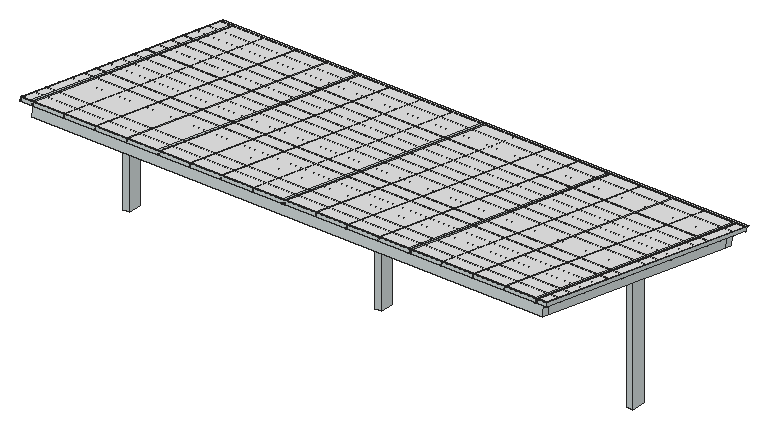
Revit family "Structures Unlimited Double Wing Single Slope Canopy", category Generic Models, Revit 2018
Family settings
  Can host rebar = No
  Round Connector Dimension = Use Diameter
  Part Type = Normal
  Work Plane-Based = No
  Always vertical = Yes
  Cut with Voids When Loaded = No
  Shared = Yes
  Room Calculation Point = No
Parameters (values of type "KCRF Aluminum #79")
  Real Out To Out Of Box Beams Length [instance] = if(Out To Out Of Box Beams Length < 10' 0", 10' 0", if(Out To Out Of Box Beams Length > 200' 0", 200' 0", Out To Out Of Box Beams Length))  # 32' - 5"
  Out To Out Of Box Beams Span [instance] = 15' - 0"
  Vertical PD [instance] = (Real Out To Out Of Box Beams Span + 0' 10") / cos(Real Roof Pitch)  # 16' - 0.61951"
  URL = "https://www.structuresunlimitedinc.com/sui-3d-details/#"
  Roof Pitch [instance] = 9.46°
  Real Out To Out Of Box Beams Span [instance] = if(Out To Out Of Box Beams Span < 10' 0", 10' 0", if(Out To Out Of Box Beams Span > 22' 0", 22' 0", Out To Out Of Box Beams Span))  # 15' - 0"
  Real Roof Pitch [instance] = if(Roof Pitch < 9.46°, 9.46°, if(Roof Pitch > 45.00°, 45.00°, Roof Pitch))  # 9.46°
  Real Column Height [instance] = if(Column Height < 2' 0", 2' 0", if(Column Height > 12' 0", 12' 0", Column Height))  # 8' - 0"
  Panel Offset [instance] = 0' 5" / cos(Real Roof Pitch)  # 0' - 5.06893"
  Outside Of Column [instance] = Beam Height / 2  # 0' - 5"
  Outer Girder Length [instance] = Center To Center Of Beams + Beam Width  # 32' - 5"
  Out To Out Of Box Beams Length [instance] = 32' - 5"
  Number Of Intmdt Rafters [instance] = if(Column Spacing = Bay Spacing, Number Of Columns, Number Of Columns * 2 - 1)  # 5
  Number Of Horizontal Grids [instance] = Bay Spacing / 2' 0"  # 4
  Number Of Columns [instance] = if((Center To Center Of Beams / Real Nominal Column Spacing) > 1, roundup(Center To Center Of Beams / Real Nominal Column Spacing) + 1, 2)  # 3
  Number Of Bays [instance] = Number Of Intmdt Rafters - 1  # 4
  Real Nominal Column Spacing [instance] = if(Nominal Column Spacing < 5' 0", 5' 0", if(Nominal Column Spacing > 20' 0", 20' 0", Nominal Column Spacing))  # 16' - 0"
  Nominal Column Spacing [instance] = 16' - 0"
  Model = "Double Wing Single Slope Canopy"
  Manufacturer = "Structures Unlimited, Inc."
  KCRF = KCRF Aluminum #79
  Horizontal PD [instance] = Center To Center Of Beams + Beam Width + 1' 0"  # 33' - 5"
  Horizontal Grid Spacing [instance] = Bay Spacing / Number Of Horizontal Grids  # 2' - 0"
  Half Beam Width [instance] = Beam Width / 2  # 0' - 2 1/2"
  Even Number Of Horizontal Grids Real [instance] = if(Even Number Of Bays, Even Number Of Bays, Even Number Of Horizontal Grids)  # yes
  Even Number Of Horizontal Grids [instance] = roundup(Number Of Horizontal Grids / 2) = rounddown(Number Of Horizontal Grids / 2)  # yes
  Even Number Of Bays [instance] = roundup(Number Of Bays / 2) = rounddown(Number Of Bays / 2)  # yes
  Column Spacing [instance] = Center To Center Of Beams / (Number Of Columns - 1)  # 16' - 0"
  Center To Center Of Beams [instance] = Real Out To Out Of Box Beams Length - Beam Width  # 32' - 0"
  Column Height [instance] = 8' - 0"
  Center Of Canopy [instance] = Center To Center Of Beams / 2  # 16' - 0"
  Center Girder Offset [instance] = (Beam Height / 2) * tan(Real Roof Pitch)  # 0' - 0.83313"
  Center Girder Length [instance] = Center To Center Of Beams - Beam Width  # 31' - 7"
  Beam Width [instance] = 0' - 5"  # constant formula
  Beam Height [instance] = 0' - 10"  # constant formula
  Bay Spacing [instance] = if(Column Spacing > 10' 0", Column Spacing * 0.5, Column Spacing)  # 8' - 0"
Reference planes (in)
  plane 1 "Center (Front/Back)": y = 0
  plane 2: z = 0
  plane 3 "Center (Left/Right)": x = 0
  plane 4: z = 0
  plane 5: z = 96
  plane 6: x = 192
  plane 7: y = -90
  plane 8 "Front Roof Plane": through (0, 515.17994, 136.8903) normal (0, 0.1644, 0.9864)
  plane 9: y = 90
Lines and regions (in)
  reference lines
    curve 1: line (0, 0, 96) -> (0, -182.48411, 126.40642)
    curve 2: line (0, -90, 110.99625) -> (0, -111.69539, -19.20863)
    curve 3: line (0, 0, 96) -> (0, 266.32816, 51.62307)
    curve 4: line (0, 90, 81.00375) -> (0, 66.49666, -60.05153)
    curve 5: line (0, 0, 96) -> (0, -20.70924, -28.28647)
    curve 6: line (0, 0.8218, 95.86307) -> (0, -19.88744, -28.42341)
    curve 7: line (0, 49.6285, -192.12646) -> (0, 113.72851, 192.56977)
Dimensions and locks (in)
  "Real Column Height": plane 5 to plane 4
  "Center Of Canopy": plane 3 "Center (Left/Right)" to plane 6
  equal spacing: plane 7, plane 1 "Center (Front/Back)", plane 9
  "Real Out To Out Of Box Beams Span": plane 7 to plane 9
  locked: plane 1 "Center (Front/Back)" to curve 1 at 0
  locked: curve 1 to plane 5
  locked: plane 7 to curve 2
  locked: plane 9 to curve 4
  "Center Girder Offset": curve 6 to curve 5
  "Half Beam Width": plane 3 "Center (Left/Right)" to nested 3
  "Panel Offset": curve 4 to curve 7
  "Real Roof Pitch": angle plane 2 to plane 8 "Front Roof Plane"
  "Real Roof Pitch": angle plane 5 to curve 1
  locked: curve 1 to curve 2 (angle 90.00°)
  "Real Roof Pitch": angle plane 5 to curve 3
  locked: curve 4 to curve 3 (angle 90.00°)
  locked: curve 5 to curve 1 (angle 90.00°)
  locked: curve 3 to curve 6 (angle 90.00°)
  "Real Roof Pitch": angle curve 7 to plane 9
  aligned and locked: plane 2 to level
  aligned and locked: nested 2 to curve 1
  aligned and locked: curve 1 to nested 1
  aligned and locked: nested 2 to curve 4
  aligned and locked: nested 1 to curve 2
  aligned and locked: nested 2 to plane 6
  aligned and locked: nested 1 to plane 6
  aligned and locked: nested 3 to curve 1
  aligned and locked: nested 3 to curve 6
  aligned and locked: nested 4 to plane 6
  aligned and locked: nested 4 to curve 1
  aligned and locked: curve 7 to nested 4
  aligned and locked: nested 5 to plane 3 "Center (Left/Right)"
  aligned and locked: plane 1 "Center (Front/Back)" to nested 5
  aligned and locked: plane 4 to nested 5
  aligned and locked: nested 6 to plane 3 "Center (Left/Right)"
  aligned and locked: plane 1 "Center (Front/Back)" to nested 6
  aligned and locked: plane 4 to nested 6
  aligned and locked: plane 4 to plane 2
Automatic sketch dimensions
  curve 7 to plane 9 = 3' - 4.3715"
Nested families (in)
  nested 1: "Double Wing Single Slope Canopy Girder" at (192, -89.17759, 100.72135) x (-1, 0, 0) z (0, 0.1644, 0.9864), Beam Width <- "Beam Width", Beam Height <- "Beam Height", CRF <- "KCRF", Girder Length <- "Outer Girder Length", type "Double Wing Single Slope Canopy Girder"
    with Girder Length 32' - 5", CRF KCRF Aluminum #79, Beam Width 0' - 5", Beam Height 0' - 10"
  nested 2: "Double Wing Single Slope Canopy Girder" at (192, 85.89041, 71.55064) x (-1, 0, 0) z (0, 0.1644, 0.9864), Beam Width <- "Beam Width", Beam Height <- "Beam Height", CRF <- "KCRF", Girder Length <- "Outer Girder Length", type "Double Wing Single Slope Canopy Girder"
    with Girder Length 32' - 5", CRF KCRF Aluminum #79, Beam Width 0' - 5", Beam Height 0' - 10"
  nested 3: "Double Wing Single Slope Canopy Girder" at (192, -0.8218, 85.99906) x (-1, 0, 0) z (0, 0.1644, 0.9864), Beam Width <- "Beam Width", Beam Height <- "Beam Height", CRF <- "KCRF", Girder Length <- "Center Girder Length", type "Double Wing Single Slope Canopy Girder"
    with Girder Length 31' - 7", CRF KCRF Aluminum #79, Beam Width 0' - 5", Beam Height 0' - 10"
  nested 4: "Double Wing Single Slope Canopy Panels" at (192, 95, 80.17062) x (-1, 0, 0) z (0, 0.1644, 0.9864), CRF <- "KCRF", Bay Spacing <- "Bay Spacing", Horizontal PD <- "Horizontal PD", Vertical PD <- "Vertical PD", Even Bays <- "Even Number Of Bays", Horizontal Grid Spacing <- "Horizontal Grid Spacing", Even Grids <- "Even Number Of Horizontal Grids Real", type "Double Wing Single Slope Canopy Panels"
    with Vertical PD 16' - 0.61951", Vertical Grid Spacing 1' - 0", Panel Skin Thickness 0' - 0.063", Panel Angle 90.00°, Overlap Width 0' - 1 3/4", Overlap Offset 0' - 0 7/8", IBeam Width 0' - 0 1/2", IBeam Thickness 0' - 2 5/8", Horizontal PD 33' - 5", Horizontal Grid Spacing 2' - 0", Half IBeam Width 0' - 0 1/4", Half Horizontal PD 16' - 8 1/2", Grid Offset 0' - 0", Even Grids yes, Even Bays yes, CRF KCRF Aluminum #79, Bay Spacing 8' - 0", Batten Width 0' - 2", Batten Thickness 0' - 0 1/8", Batten Offset 0' - 0"
  nested 5: "Double Wing Single Slope Canopy Columns" at (0, 0, 0) x (0, -1, 0) z (0, 0, 1), CRF <- "KCRF", Beam Height <- "Beam Height", Beam Width <- "Beam Width", CTR 2 CTR Of Beams <- "Center To Center Of Beams", Column Height <- "Real Column Height", Column Spacing <- "Column Spacing", Roof Pitch <- "Real Roof Pitch", Width Of Canopy <- "Real Out To Out Of Box Beams Span", type "Double Wing Single Slope Canopy Columns"
    with Width Of Canopy 15' - 0", Void Width 15' - 7", Void Offset 8' - 0", Roof Pitch 9.46°, Half Beam Width 0' - 2 1/2", Column Spacing 16' - 0", Column Height 8' - 0", CTR 2 CTR Of Beams 32' - 0", CRF KCRF Aluminum #79, Beam Width 0' - 5", Beam Height 0' - 10"
  nested 6: "Double Wing Single Slope Canopy Rafters" at (0, 0, 0) x (0, -1, 0) z (0, 0, 1), CRF <- "KCRF", Beam Height <- "Beam Height", Beam Width <- "Beam Width", CTR 2 CTR Of Beams <- "Center To Center Of Beams", Column Height <- "Real Column Height", Column Spacing <- "Bay Spacing", Roof Pitch <- "Real Roof Pitch", Width Of Canopy <- "Real Out To Out Of Box Beams Span", type "Double Wing Single Slope Canopy Rafters"
    with Width Of Canopy 15' - 0", Void Width 7' - 7", Void Offset 4' - 0", Roof Pitch 9.46°, Half Beam Width 0' - 2 1/2", Column Spacing 8' - 0", Column Height 8' - 0", CTR 2 CTR Of Beams 32' - 0", CRF KCRF Aluminum #79, Beam Width 0' - 5", Beam Height 0' - 10"
Definition of nested family "Double Wing Single Slope Canopy Girder"
  Parameters (values of type "Double Wing Single Slope Canopy Girder")
    Girder Length [instance] = 17' - 1"
    Default Elevation = 4' - 0"
    CRF [instance] = none
    Beam Width [instance] = 0' - 5"
    Beam Height [instance] = 0' - 10"
  Reference planes (in)
    plane 1 "Center (Front/Back)": y = 0
    plane 2: z = 0
    plane 3 "Center (Left/Right)": x = 0
    plane 4: x = -102.5
    plane 5: x = 102.5
    plane 6: y = -2.5
    plane 7: y = 2.5
    plane 8: z = 10
  Forms (in)
    Extrusion 1, solid, material <- "CRF"
      sketch origin (0, 0, 0) x (0, 1, 0) y (0, 0, 1)
        loop
          line (2.5, 10) -> (-2.5, 10) -> (-2.5, 0) -> (2.5, 0) -> (2.5, 10)
      from -102.5 to 102.5
  Dimensions and locks (in)
    equal spacing: plane 7, plane 1 "Center (Front/Back)", plane 6
    equal spacing: plane 4, plane 3 "Center (Left/Right)", plane 5
    "Beam Width": plane 7 to plane 6
    "Girder Length": plane 4 to plane 5
    "Beam Height": plane 8 to plane 2
    aligned and locked: level to plane 2
    aligned and locked: Extrusion 1 sketch curve to plane 8
    aligned and locked: plane 6 to Extrusion 1 sketch curve
    aligned and locked: Extrusion 1 sketch curve to plane 7
    aligned and locked: plane 2 to Extrusion 1 sketch curve
    aligned and locked: Extrusion 1 to plane 4
    aligned and locked: plane 5 to Extrusion 1
Definition of nested family "Double Wing Single Slope Canopy Panels"
  Parameters (values of type "Double Wing Single Slope Canopy Panels")
    Vertical PD [instance] = 14' - 7"
    Vertical Grid Spacing [instance] = 1' - 0"  # constant formula
    Panel Skin Thickness [instance] = 0' - 0.063"  # constant formula
    Panel Angle [instance] = 90.00°
    Overlap Width [instance] = 0' - 1 3/4"  # constant formula
    Overlap Offset [instance] = Overlap Width / 2  # 0' - 0 7/8"
    IBeam Width [instance] = 0' - 0 1/2"  # constant formula
    IBeam Thickness [instance] = 0' - 2 5/8"  # constant formula
    Horizontal PD [instance] = 16' - 8"
    Horizontal Grid Spacing [instance] = 2' - 0"
    Half IBeam Width [instance] = IBeam Width / 2  # 0' - 0 1/4"
    Half Horizontal PD [instance] = Horizontal PD / 2  # 8' - 4"
    Grid Offset [instance] = if(Even Grids, 0' 0", Horizontal Grid Spacing / 2)  # 1' - 0"
    Even Grids [instance] = no
    Even Bays [instance] = no
    Default Elevation = 4' - 0"
    CRF [instance] = none
    Bay Spacing [instance] = 8' - 0"
    Batten Width [instance] = 0' - 2"  # constant formula
    Batten Thickness [instance] = 0' - 0 1/8"  # constant formula
    Batten Offset [instance] = if(Even Bays, 0' 0", Bay Spacing / 2)  # 4' - 0"
  Reference planes (in)
    plane 1 "Center (Front/Back)": y = 0
    plane 2: z = 0
    plane 3 "Center (Left/Right)": x = 0
    plane 4 "Left Panel": x = -100
    plane 5 "Right Panel": x = 100
    plane 6: z = 0.063
    plane 7: z = 2.688
    plane 8: z = 2.751
    plane 9: y = -1.75
    plane 10 "Left Outside": x = -2000
    plane 11 "Right Outside": x = 2000
    plane 12: y = 0.25
    plane 13 "Max Top PD": y = 1080
    plane 14 "Max Left PD": x = -1976
    plane 15 "Max Right PD": x = 1976
    plane 16 "Top Outside": y = 1104
    plane 17: x = -36
    plane 18: x = -60
    plane 19: x = -84
    plane 20: x = -108
    plane 21: x = -132
    plane 22: x = -156
    plane 23: x = -180
    plane 24: x = -204
    plane 25: x = 12
    plane 26: x = 36
    plane 27: x = 60
    plane 28: x = 84
    plane 29: x = 108
    plane 30: x = 132
    plane 31: x = 156
    plane 32: x = 180
    plane 33: x = 204
    plane 34: x = -228
    plane 35: x = -252
    plane 36: x = 228
    plane 37: x = -276
    plane 38: x = -300
    plane 39: x = -324
    plane 40: x = -348
    plane 41: x = -372
    plane 42: x = -396
    plane 43: x = -420
    plane 44: x = 252
    plane 45: x = 276
    plane 46: x = 300
    plane 47: x = 324
    plane 48: x = 348
    plane 49: x = 372
    plane 50: x = 396
    plane 51: y = 12.25
    plane 52: y = 24.25
    plane 53: y = 36.25
    plane 54: y = 48.25
    plane 55: y = 60.25
    plane 56: y = 72.25
    plane 57: y = 84.25
    plane 58: y = 96.25
    plane 59: y = 108.25
    plane 60: z = 2.876
    plane 61: z = -0.125
    plane 62 "Bot Max": y = -36
    plane 63 "Bot Outside": y = -48
    plane 64: x = -444
    plane 65: x = -468
    plane 66: x = 420
    plane 67: x = 444
    plane 68: y = 120.25
    plane 69: y = 132.25
    plane 70: y = 144.25
    plane 71: y = 156.25
    plane 72: y = 168.25
    plane 73: y = 180.25
    plane 74: y = 192.25
    plane 75: y = 204.25
    plane 76: y = 216.25
    plane 77: y = 228.25
    plane 78: y = 240.25
    plane 79: y = 252.25
    plane 80: y = 264.25
    plane 81: y = 276.25
    plane 82: y = 288.25
    plane 83: y = 300.25
    plane 84: y = 312.25
    plane 85: y = 324.25
    plane 86: y = 336.25
    plane 87: y = 348.25
    plane 88: y = 360.25
    plane 89: y = 372.25
    plane 90: y = 384.25
    plane 91: y = 396.25
    plane 92: y = 408.25
    plane 93: y = 420.25
    plane 94: y = 432.25
    plane 95: y = 444.25
    plane 96: y = 456.25
    plane 97: y = 468.25
    plane 98: y = 480.25
    plane 99: y = 492.25
    plane 100: y = 504.25
    plane 101: y = 516.25
    plane 102: y = 528.25
    plane 103: x = -492
    plane 104: x = -516
    plane 105: x = -540
    plane 106: x = -564
    plane 107: x = -588
    plane 108: x = -612
    plane 109: x = -636
    plane 110: x = -660
    plane 111: x = -684
    plane 112: x = -708
    plane 113: x = -732
    plane 114: x = -756
    plane 115: x = 468
    plane 116: x = 492
    plane 117: x = 540
    plane 118: x = 516
    plane 119: x = 564
    plane 120: x = 588
    plane 121: x = 636
    plane 122: x = 612
    plane 123: x = 660
    plane 124: x = 684
    plane 125: x = 708
    plane 126: x = 732
    plane 127: y = 540.25
    plane 128: y = 552.25
    plane 129: y = 564.25
    plane 130: y = 576.25
    plane 131: y = 588.25
    plane 132: y = 600.25
    plane 133: y = 612.25
    plane 134: y = 624.25
    plane 135: y = 636.25
    plane 136: y = 648.25
    plane 137: y = 660.25
    plane 138: y = 684.25
    plane 139: y = 696.25
    plane 140: y = 672.25
    plane 141: y = 708.25
    plane 142: y = 720.25
    plane 143: y = 744.25
    plane 144: y = 732.25
    plane 145: y = 768.25
    plane 146: y = 756.25
    plane 147: y = 780.25
    plane 148: y = 804.25
    plane 149: y = 792.25
    plane 150: y = 816.25
    plane 151: y = 828.25
    plane 152: y = 840.25
    plane 153: y = 852.25
    plane 154: y = 864.25
    plane 155: y = 876.25
    plane 156: y = 888.25
    plane 157: y = 900.25
    plane 158: y = 912.25
    plane 159: y = 936.25
    plane 160: y = 948.25
    plane 161: y = 960.25
    plane 162: y = 924.25
    plane 163: x = -780
    plane 164: x = -804
    plane 165: x = -828
    plane 166: x = -852
    plane 167: x = -876
    plane 168: x = -900
    plane 169: x = -924
    plane 170: x = -948
    plane 171: x = -972
    plane 172: x = 756
    plane 173: x = 780
    plane 174: x = 804
    plane 175: x = 828
    plane 176: x = 852
    plane 177: x = 876
    plane 178: x = 900
    plane 179: x = 924
    plane 180: x = 948
    plane 181: x = -996
    plane 182: x = -1020
    plane 183: x = -1044
    plane 184: x = -1068
    plane 185: x = 972
    plane 186: x = 996
    plane 187: x = 1020
    plane 188: x = 1044
    plane 189: x = -1092
    plane 190: x = -1116
    plane 191: x = -1140
    plane 192: x = -1164
    plane 193: x = 1068
    plane 194: x = 1092
    plane 195: x = 1116
    plane 196: x = 1140
    plane 197: x = -1188
    plane 198: x = -1212
    plane 199: x = -1236
    plane 200: x = 1188
    plane 201: x = 1164
    plane 202: x = 1212
    plane 203: y = 175.25
    plane 204: x = -1200
    plane 205: x = -1104
    plane 206: x = -1008
    plane 207: x = -912
    plane 208: x = -816
    plane 209: x = -720
    plane 210: x = -624
    plane 211: x = -528
    plane 212: x = -432
    plane 213: x = -336
    plane 214: x = -240
    plane 215: x = -144
    plane 216: x = -48
    plane 217: x = 48
    plane 218: x = 144
    plane 219: x = 240
    plane 220: x = 336
    plane 221: x = 432
    plane 222: x = 528
    plane 223: x = 624
    plane 224: x = 720
    plane 225: x = 816
    plane 226: x = 912
    plane 227: x = 1008
    plane 228: x = 1104
    plane 229: x = 1200
    plane 230: x = -12
  Forms (in)
    Extrusion 1, solid
      sketch origin (0, 0, 0) x (1, 0, 0) y (0, 1, 0)
        loop
          line (1976, 0) -> (1976, 1080) -> (-1976, 1080) -> (-1976, 0) -> (1976, 0)
      from 0.063 to 0
    Extrusion 2, solid
      sketch origin (0, 0, 0) x (1, 0, 0) y (0, 1, 0)
        loop
          line (1976, -1.75) -> (1976, 1080) -> (-1976, 1080) -> (-1976, -1.75) -> (1976, -1.75)
      from 2.688 to 2.751
    Sweep 3, solid
      path origin (0, 0, 0) x (1, 0, 0) y (0, 1, 0)
        loop
          line (1976, 1080) -> (1976, 0.25) -> (1212, 0.25) -> (1212, 1080) -> (1188, 1080) -> (1188, 0.25) -> (1164, 0.25) -> (1164, 1080) -> (1140, 1080) -> (1140, 0.25) -> (1116, 0.25) -> (1116, 1080) -> (1092, 1080) -> (1092, 0.25) -> (1068, 0.25) -> (1068, 1080) -> (1044, 1080) -> (1044, 0.25) -> (1020, 0.25) -> (1020, 1080) -> (996, 1080) -> (996, 0.25) -> (972, 0.25) -> (972, 1080) -> (948, 1080) -> (948, 0.25) -> (924, 0.25) -> (924, 1080) -> (900, 1080) -> (900, 0.25) -> (876, 0.25) -> (876, 1080) -> (852, 1080) -> (852, 0.25) -> (828, 0.25) -> (828, 1080) -> (804, 1080) -> (804, 0.25) -> (780, 0.25) -> (780, 1080) -> (756, 1080) -> (756, 0.25) -> (732, 0.25) -> (732, 1080) -> (708, 1080) -> (708, 0.25) -> (684, 0.25) -> (684, 1080) -> (660, 1080) -> (660, 0.25) -> (636, 0.25) -> (636, 1080) -> (612, 1080) -> (612, 0.25) -> (588, 0.25) -> (588, 1080) -> (564, 1080) -> (564, 0.25) -> (540, 0.25) -> (540, 1080) -> (516, 1080) -> (516, 0.25) -> (492, 0.25) -> (492, 1080) -> (468, 1080) -> (468, 0.25) -> (444, 0.25) -> (444, 1080) -> (420, 1080) -> (420, 0.25) -> (396, 0.25) -> (396, 1080) -> (372, 1080) -> (372, 0.25) -> (348, 0.25) -> (348, 1080) -> (324, 1080) -> (324, 0.25) -> (300, 0.25) -> (300, 1080) -> (276, 1080) -> (276, 0.25) -> (252, 0.25) -> (252, 1080) -> (228, 1080) -> (228, 0.25) -> (204, 0.25) -> (204, 1080) -> (180, 1080) -> (180, 0.25) -> (156, 0.25) -> (156, 1080) -> (132, 1080) -> (132, 0.25) -> (108, 0.25) -> (108, 1080) -> (84, 1080) -> (84, 0.25) -> (60, 0.25) -> (60, 1080) -> (36, 1080) -> (36, 0.25) -> (12, 0.25) -> (12, 1080) -> (-12, 1080) -> (-12, 0.25) -> (-36, 0.25) -> (-36, 1080) -> (-60, 1080) -> (-60, 0.25) -> (-84, 0.25) -> (-84, 1080) -> (-108, 1080) -> (-108, 0.25) -> (-132, 0.25) -> (-132, 1080) -> (-156, 1080) -> (-156, 0.25) -> (-180, 0.25) -> (-180, 1080) -> (-204, 1080) -> (-204, 0.25) -> (-228, 0.25) -> (-228, 1080) -> (-252, 1080) -> (-252, 0.25) -> (-276, 0.25) -> (-276, 1080) -> (-300, 1080) -> (-300, 0.25) -> (-324, 0.25) -> (-324, 1080) -> (-348, 1080) -> (-348, 0.25) -> (-372, 0.25) -> (-372, 1080) -> (-396, 1080) -> (-396, 0.25) -> (-420, 0.25) -> (-420, 1080) -> (-444, 1080) -> (-444, 0.25) -> (-468, 0.25) -> (-468, 1080) -> (-492, 1080) -> (-492, 0.25) -> (-516, 0.25) -> (-516, 1080) -> (-540, 1080) -> (-540, 0.25) -> (-564, 0.25) -> (-564, 1080) -> (-588, 1080) -> (-588, 0.25) -> (-612, 0.25) -> (-612, 1080) -> (-636, 1080) -> (-636, 0.25) -> (-660, 0.25) -> (-660, 1080) -> (-684, 1080) -> (-684, 0.25) -> (-708, 0.25) -> (-708, 1080) -> (-732, 1080) -> (-732, 0.25) -> (-756, 0.25) -> (-756, 1080) -> (-780, 1080) -> (-780, 0.25) -> (-804, 0.25) -> (-804, 1080) -> (-828, 1080) -> (-828, 0.25) -> (-852, 0.25) -> (-852, 1080) -> (-876, 1080) -> (-876, 0.25) -> (-900, 0.25) -> (-900, 1080) -> (-924, 1080) -> (-924, 0.25) -> (-948, 0.25) -> (-948, 1080) -> (-972, 1080) -> (-972, 0.25) -> (-996, 0.25) -> (-996, 1080) -> (-1020, 1080) -> (-1020, 0.25) -> (-1044, 0.25) -> (-1044, 1080) -> (-1068, 1080) -> (-1068, 0.25) -> (-1092, 0.25) -> (-1092, 1080) -> (-1116, 1080) -> (-1116, 0.25) -> (-1140, 0.25) -> (-1140, 1080) -> (-1164, 1080) -> (-1164, 0.25) -> (-1188, 0.25) -> (-1188, 1080) -> (-1212, 1080) -> (-1212, 0.25) -> (-1236, 0.25) -> (-1236, 1080) -> (-1976, 1080) -> (-1976, 0.25)
      profile origin (-1976, 540.125, 0) x (1, 0, 0) y (0, 0, 1)
        loop
          line (0.25, 0.063) -> (0.25, 2.688) -> (-0.25, 2.688) -> (-0.25, 0.063) -> (0.25, 0.063)
    Sweep 4, solid
      path origin (0, 0, 0) x (1, 0, 0) y (0, 1, 0)
        loop
          line (1976, 1080) -> (-1976, 1080) -> (-1976, 960.25) -> (1976, 960.25) -> (1976, 948.25) -> (-1976, 948.25) -> (-1976, 936.25) -> (1976, 936.25) -> (1976, 924.25) -> (-1976, 924.25) -> (-1976, 912.25) -> (1976, 912.25) -> (1976, 900.25) -> (-1976, 900.25) -> (-1976, 888.25) -> (1976, 888.25) -> (1976, 876.25) -> (-1976, 876.25) -> (-1976, 864.25) -> (1976, 864.25) -> (1976, 852.25) -> (-1976, 852.25) -> (-1976, 840.25) -> (1976, 840.25) -> (1976, 828.25) -> (-1976, 828.25) -> (-1976, 816.25) -> (1976, 816.25) -> (1976, 804.25) -> (-1976, 804.25) -> (-1976, 792.25) -> (1976, 792.25) -> (1976, 780.25) -> (-1976, 780.25) -> (-1976, 768.25) -> (1976, 768.25) -> (1976, 756.25) -> (-1976, 756.25) -> (-1976, 744.25) -> (1976, 744.25) -> (1976, 732.25) -> (-1976, 732.25) -> (-1976, 720.25) -> (1976, 720.25) -> (1976, 708.25) -> (-1976, 708.25) -> (-1976, 696.25) -> (1976, 696.25) -> (1976, 684.25) -> (-1976, 684.25) -> (-1976, 672.25) -> (1976, 672.25) -> (1976, 660.25) -> (-1976, 660.25) -> (-1976, 648.25) -> (1976, 648.25) -> (1976, 636.25) -> (-1976, 636.25) -> (-1976, 624.25) -> (1976, 624.25) -> (1976, 612.25) -> (-1976, 612.25) -> (-1976, 600.25) -> (1976, 600.25) -> (1976, 588.25) -> (-1976, 588.25) -> (-1976, 576.25) -> (1976, 576.25) -> (1976, 564.25) -> (-1976, 564.25) -> (-1976, 552.25) -> (1976, 552.25) -> (1976, 540.25) -> (-1976, 540.25) -> (-1976, 528.25) -> (1976, 528.25) -> (1976, 516.25) -> (-1976, 516.25) -> (-1976, 504.25) -> (1976, 504.25) -> (1976, 492.25) -> (-1976, 492.25) -> (-1976, 480.25) -> (1976, 480.25) -> (1976, 468.25) -> (-1976, 468.25) -> (-1976, 456.25) -> (1976, 456.25) -> (1976, 444.25) -> (-1976, 444.25) -> (-1976, 432.25) -> (1976, 432.25) -> (1976, 420.25) -> (-1976, 420.25) -> (-1976, 408.25) -> (1976, 408.25) -> (1976, 396.25) -> (-1976, 396.25) -> (-1976, 384.25) -> (1976, 384.25) -> (1976, 372.25) -> (-1976, 372.25) -> (-1976, 360.25) -> (1976, 360.25) -> (1976, 348.25) -> (-1976, 348.25) -> (-1976, 336.25) -> (1976, 336.25) -> (1976, 324.25) -> (-1976, 324.25) -> (-1976, 312.25) -> (1976, 312.25) -> (1976, 300.25) -> (-1976, 300.25) -> (-1976, 288.25) -> (1976, 288.25) -> (1976, 276.25) -> (-1976, 276.25) -> (-1976, 264.25) -> (1976, 264.25) -> (1976, 252.25) -> (-1976, 252.25) -> (-1976, 240.25) -> (1976, 240.25) -> (1976, 228.25) -> (-1976, 228.25) -> (-1976, 216.25) -> (1976, 216.25) -> (1976, 204.25) -> (-1976, 204.25) -> (-1976, 192.25) -> (1976, 192.25) -> (1976, 180.25) -> (-1976, 180.25) -> (-1976, 168.25) -> (1976, 168.25) -> (1976, 156.25) -> (-1976, 156.25) -> (-1976, 144.25) -> (1976, 144.25) -> (1976, 132.25) -> (-1976, 132.25) -> (-1976, 120.25) -> (1976, 120.25) -> (1976, 108.25) -> (-1976, 108.25) -> (-1976, 96.25) -> (1976, 96.25) -> (1976, 84.25) -> (-1976, 84.25) -> (-1976, 72.25) -> (1976, 72.25) -> (1976, 60.25) -> (-1976, 60.25) -> (-1976, 48.25) -> (1976, 48.25) -> (1976, 36.25) -> (-1976, 36.25) -> (-1976, 24.25) -> (1976, 24.25) -> (1976, 12.25) -> (-1976, 12.25) -> (-1976, 0.25) -> (1976, 0.25)
      profile origin (0, 0.25, 0) x (0, 1, 0) y (0, 0, 1)
        loop
          line (-0.25, 2.688) -> (-0.25, 0.063) -> (0.25, 0.063) -> (0.25, 2.688) -> (-0.25, 2.688)
    Extrusion 5, void
      sketch origin (0, 0, 0) x (1, 0, 0) y (0, 1, 0)
        loop
          line (-100, -1.75) -> (-100, 175.25) -> (100, 175.25) -> (100, -1.75) -> (2000, -1.75) -> (2000, 1104) -> (-2000, 1104) -> (-2000, -1.75) -> (-100, -1.75)
      from -0.125 to 2.876
    Extrusion 6, void
      sketch origin (0, 0, 0) x (1, 0, 0) y (0, 1, 0)
        loop
          line (-2000, -48) -> (2000, -48) -> (2000, 0) -> (-2000, 0) -> (-2000, -48)
      from -0.125 to 2.876
    Sweep 7, solid, material <- "CRF"
      path origin (0, 0, 0) x (1, 0, 0) y (0, 1, 0)
        loop
          line (1976, 1079.125) -> (-1976, 1079.125) -> (-1976, 959.375) -> (1976, 959.375) -> (1976, 899.375) -> (-1976, 899.375) -> (-1976, 839.375) -> (1976, 839.375) -> (1976, 779.375) -> (-1976, 779.375) -> (-1976, 719.375) -> (1976, 719.375) -> (1976, 659.375) -> (-1976, 659.375) -> (-1976, 599.375) -> (1976, 599.375) -> (1976, 539.375) -> (-1976, 539.375) -> (-1976, 479.375) -> (1976, 479.375) -> (1976, 419.375) -> (-1976, 419.375) -> (-1976, 359.375) -> (1976, 359.375) -> (1976, 299.375) -> (-1976, 299.375) -> (-1976, 239.375) -> (1976, 239.375) -> (1976, 179.375) -> (-1976, 179.375) -> (-1976, 119.375) -> (1976, 119.375) -> (1976, 59.375) -> (-1976, 59.375)
      profile origin (0, 59.375, 0) x (0, -1, 0) y (0, 0, 1)
        loop
          line (-0.875, 2.688) -> (-0.875, -0.125) -> (0.875, -0.125) -> (0.875, 2.688) -> (-0.875, 2.688)
    Sweep 8, solid, material <- "CRF"
      path origin (0, 0, 0) x (1, 0, 0) y (0, 1, 0)
        loop
          line (1976, -36) -> (1976, 1080) -> (1200, 1080) -> (1200, -36) -> (1104, -36) -> (1104, 1080) -> (1008, 1080) -> (1008, -36) -> (912, -36) -> (912, 1080) -> (816, 1080) -> (816, -36) -> (720, -36) -> (720, 1080) -> (624, 1080) -> (624, -36) -> (528, -36) -> (528, 1080) -> (432, 1080) -> (432, -36) -> (336, -36) -> (336, 1080) -> (240, 1080) -> (240, -36) -> (144, -36) -> (144, 1080) -> (48, 1080) -> (48, -36) -> (-48, -36) -> (-48, 1080) -> (-144, 1080) -> (-144, -36) -> (-240, -36) -> (-240, 1080) -> (-336, 1080) -> (-336, -36) -> (-432, -36) -> (-432, 1080) -> (-528, 1080) -> (-528, -36) -> (-624, -36) -> (-624, 1080) -> (-720, 1080) -> (-720, -36) -> (-816, -36) -> (-816, 1080) -> (-912, 1080) -> (-912, -36) -> (-1008, -36) -> (-1008, 1080) -> (-1104, 1080) -> (-1104, -36) -> (-1200, -36) -> (-1200, 1080) -> (-1976, 1080) -> (-1976, -36)
      profile origin (-1976, 522, 0) x (1, 0, 0) y (0, 0, 1)
        loop
          line (-1, 2.876) -> (-1, -0.125) -> (1, -0.125) -> (1, 2.876) -> (-1, 2.876)
    Sweep 9, solid, material <- "CRF"
      path origin (0, 0, 0) x (1, 0, 0) y (0, 1, 0)
        loop
          line (100, -0.125) -> (100, 175.25) -> (-100, 175.25) -> (-100, -0.125)
      profile origin (-100, 87.5625, 0) x (1, 0, 0) y (0, 0, 1)
        loop
          line (0.5, -0.125) -> (0.5, 0) -> (0, 0) -> (0, 2.751) -> (0.5, 2.751) -> (0.5, 2.876) -> (-0.125, 2.876) -> (-0.125, -0.125) -> (0.5, -0.125)
    Extrusion 10, solid, material <- "CRF"
      sketch origin (0, 0, 0) x (0, 1, 0) y (0, 0, 1)
        loop
          line (-1.75, 2.563) -> (-0.125, 2.563) -> (-0.125, -0.125) -> (0.5, -0.125) -> (0.5, 0) -> (0, 0) -> (0, 2.688) -> (-1.75, 2.688) -> (-1.75, 2.563)
      from -100 to 100
  Cuts and joins
    Extrusion 5, Extrusion 6 cuts Sweep 4
    Extrusion 5, Extrusion 6 cuts Sweep 3
    Extrusion 5 cuts Extrusion 2
    Extrusion 5, Extrusion 6 cuts Extrusion 1
    Extrusion 5 cuts Sweep 7
    Extrusion 5, Extrusion 6 cuts Sweep 8
  Lines and regions (in)
    reference lines
      curve 1: line (-100, 0, 0) -> (-100, 318, 0)
      curve 2: line (100, 0, 0) -> (100, 456, 0)
  Dimensions and locks (in)
    locked: plane 1 "Center (Front/Back)" to curve 1
    locked: plane 4 "Left Panel" to curve 1
    locked: plane 5 "Right Panel" to curve 2
    locked: plane 1 "Center (Front/Back)" to curve 2 at 0
    "Panel Skin Thickness": plane 6 to plane 2
    "IBeam Thickness": plane 7 to plane 6
    "Panel Skin Thickness": plane 8 to plane 7
    "Half Horizontal PD": plane 4 "Left Panel" to plane 3 "Center (Left/Right)"
    "Half Horizontal PD": plane 3 "Center (Left/Right)" to plane 5 "Right Panel"
    "Overlap Width": plane 1 "Center (Front/Back)" to plane 9
    locked: plane 10 "Left Outside" to plane 3 "Center (Left/Right)" at 2000
    locked: plane 3 "Center (Left/Right)" to plane 11 "Right Outside" at 2000
    "Half IBeam Width": plane 1 "Center (Front/Back)" to plane 12
    locked: plane 1 "Center (Front/Back)" to plane 13 "Max Top PD" at 1080
    equal spacing: Sweep 3 sketch curve, profile plane, Sweep 3 sketch curve
    "IBeam Width": Sweep 3 sketch curve to Sweep 3 sketch curve
    "IBeam Width": Sweep 4 sketch curve to Sweep 4 sketch curve
    equal spacing: Sweep 4 sketch curve, plane 12, Sweep 4 sketch curve
    "Batten Thickness": plane 60 to plane 8
    "Batten Thickness": plane 2 to plane 61
    locked: plane 62 "Bot Max" to plane 1 "Center (Front/Back)" at 36
    locked: plane 63 "Bot Outside" to plane 1 "Center (Front/Back)" at 48
    "Vertical Grid Spacing": plane 102 to plane 101 to plane 100 to plane 99 to plane 98 to plane 97 to plane 96 to plane 95 to plane 94 to plane 93 to plane 92 to plane 91 to plane 90 to plane 89 to plane 88 to plane 87 to plane 86 to plane 85 to plane 84 to plane 83 to plane 82 to plane 81 to plane 80 to plane 79 to plane 78 to plane 77 to plane 76 to plane 75 to plane 74 to plane 73 to plane 72 to plane 71 to plane 70 to plane 69 to plane 68 to plane 59 to plane 58 to plane 57 to plane 56 to plane 55 to plane 54 to plane 53 to plane 52 to plane 51 to plane 12
    "Overlap Offset": Sweep 7 sketch curve to plane 55
    "Overlap Offset": plane 68 to Sweep 7 sketch curve
    "Overlap Offset": plane 73 to Sweep 7 sketch curve
    "Overlap Offset": plane 78 to Sweep 7 sketch curve
    "Overlap Offset": plane 83 to Sweep 7 sketch curve
    "Overlap Offset": Sweep 7 sketch curve to plane 88
    "Overlap Offset": plane 93 to Sweep 7 sketch curve
    "Overlap Offset": Sweep 7 sketch curve to plane 98
    "Overlap Offset": plane 13 "Max Top PD" to Sweep 7 sketch curve
    equal spacing: Sweep 7 sketch curve, profile plane, Sweep 7 sketch curve
    "Overlap Width": Sweep 7 sketch curve to Sweep 7 sketch curve
    locked: plane 10 "Left Outside" to plane 14 "Max Left PD" at 24
    locked: plane 15 "Max Right PD" to plane 11 "Right Outside" at 24
    locked: plane 16 "Top Outside" to plane 13 "Max Top PD" at 24
    "Vertical Grid Spacing": plane 102 to plane 127 to plane 128 to plane 129 to plane 130 to plane 131 to plane 132 to plane 133 to plane 134 to plane 135 to plane 136 to plane 137 to plane 140 to plane 138 to plane 139 to plane 141 to plane 142 to plane 144 to plane 143 to plane 146 to plane 145 to plane 147
    "Vertical Grid Spacing": plane 147 to plane 149 to plane 148 to plane 150 to plane 151 to plane 152 to plane 153 to plane 154 to plane 155 to plane 156 to plane 157 to plane 158 to plane 162 to plane 159 to plane 160 to plane 161
    "Overlap Offset": Sweep 7 sketch curve to plane 127
    "Overlap Offset": plane 132 to Sweep 7 sketch curve
    "Overlap Offset": Sweep 7 sketch curve to plane 137
    "Overlap Offset": Sweep 7 sketch curve to plane 142
    "Overlap Offset": Sweep 7 sketch curve to plane 147
    "Overlap Offset": Sweep 7 sketch curve to plane 152
    "Overlap Offset": plane 157 to Sweep 7 sketch curve
    "Overlap Offset": Sweep 7 sketch curve to plane 161
    "Vertical PD": plane 203 to plane 12
    "Batten Offset": plane 216 to plane 3 "Center (Left/Right)"
    "Bay Spacing": plane 204 to plane 205 to plane 206 to plane 207 to plane 208 to plane 209 to plane 210 to plane 211 to plane 212 to plane 213 to plane 214 to plane 215 to plane 216
    "Bay Spacing": plane 216 to plane 217 to plane 218 to plane 219 to plane 220 to plane 221 to plane 222 to plane 223 to plane 224 to plane 225 to plane 226 to plane 227 to plane 228
    equal spacing: Sweep 8 sketch curve, profile plane, Sweep 8 sketch curve
    "Batten Width": Sweep 8 sketch curve to Sweep 8 sketch curve
    "Bay Spacing": plane 228 to plane 229
    locked: Sweep 9 sketch curve to Sweep 9 sketch curve at 0.125  (x3)
    locked: Sweep 9 sketch curve to Sweep 9 sketch curve at 0.5
    locked: Extrusion 10 sketch curve to Extrusion 10 sketch curve at 0.125  (x3)
    locked: Extrusion 10 sketch curve to Extrusion 10 sketch curve at 0.5
    locked: Sweep 9 sketch curve to plane 1 "Center (Front/Back)" at 0.125  (x2)
    "Grid Offset": plane 230 to plane 3 "Center (Left/Right)"
    "Horizontal Grid Spacing": plane 199 to plane 198 to plane 197 to plane 192 to plane 191 to plane 190 to plane 189 to plane 184 to plane 183 to plane 182 to plane 181 to plane 171 to plane 170 to plane 169 to plane 168 to plane 167 to plane 166 to plane 165 to plane 164 to plane 163 to plane 114 to plane 113 to plane 112 to plane 111 to plane 110 to plane 109 to plane 108 to plane 107 to plane 106 to plane 105 to plane 104 to plane 103 to plane 65 to plane 64 to plane 43 to plane 42 to plane 41 to plane 40 to plane 39 to plane 38 to plane 37 to plane 35 to plane 34 to plane 24 to plane 23 to plane 22 to plane 21 to plane 20 to plane 19 to plane 18 to plane 17 to plane 230
    "Horizontal Grid Spacing": plane 230 to plane 25 to plane 26 to plane 27 to plane 28 to plane 29 to plane 30 to plane 31 to plane 32 to plane 33 to plane 36 to plane 44 to plane 45 to plane 46 to plane 47 to plane 48 to plane 49 to plane 50 to plane 66 to plane 67 to plane 115 to plane 116 to plane 118 to plane 117 to plane 119 to plane 120 to plane 122 to plane 121 to plane 123 to plane 124 to plane 125 to plane 126 to plane 172 to plane 173 to plane 174 to plane 175 to plane 176 to plane 177 to plane 178 to plane 179 to plane 180 to plane 185 to plane 186 to plane 187 to plane 188 to plane 193 to plane 194 to plane 195 to plane 196 to plane 201 to plane 200 to plane 202
    "Panel Angle": angle plane 1 "Center (Front/Back)" to curve 1
    "Panel Angle": angle curve 2 to plane 1 "Center (Front/Back)"
    aligned and locked: level to plane 2
    aligned and locked: Extrusion 1 sketch curve to plane 1 "Center (Front/Back)"
    aligned and locked: plane 2 to Extrusion 1
    aligned and locked: Extrusion 1 to plane 6
    aligned and locked: Extrusion 2 sketch curve to plane 9
    aligned and locked: Extrusion 2 to plane 7
    aligned and locked: Extrusion 2 to plane 8
    aligned and locked: Sweep 3 sketch curve to plane 14 "Max Left PD"
    aligned and locked: Sweep 3 sketch curve to plane 13 "Max Top PD"  (x42)
    aligned and locked: Sweep 3 sketch curve to plane 42
    aligned and locked: Sweep 3 sketch curve to plane 41
    aligned and locked: Sweep 3 sketch curve to plane 40
    aligned and locked: Sweep 3 sketch curve to plane 39
    aligned and locked: Sweep 3 sketch curve to plane 38
    aligned and locked: Sweep 3 sketch curve to plane 37
    aligned and locked: Sweep 3 sketch curve to plane 35
    aligned and locked: Sweep 3 sketch curve to plane 34
    aligned and locked: Sweep 3 sketch curve to plane 24
    aligned and locked: Sweep 3 sketch curve to plane 23
    aligned and locked: Sweep 3 sketch curve to plane 22
    aligned and locked: Sweep 3 sketch curve to plane 21
    aligned and locked: Sweep 3 sketch curve to plane 20
    aligned and locked: Sweep 3 sketch curve to plane 19
    aligned and locked: Sweep 3 sketch curve to plane 18
    aligned and locked: Sweep 3 sketch curve to plane 17
    aligned and locked: Sweep 3 sketch curve to plane 25
    aligned and locked: Sweep 3 sketch curve to plane 26
    aligned and locked: Sweep 3 sketch curve to plane 27
    aligned and locked: Sweep 3 sketch curve to plane 28
    aligned and locked: Sweep 3 sketch curve to plane 29
    aligned and locked: Sweep 3 sketch curve to plane 30
    aligned and locked: Sweep 3 sketch curve to plane 31
    aligned and locked: Sweep 3 sketch curve to plane 32
    aligned and locked: Sweep 3 sketch curve to plane 33
    aligned and locked: Sweep 3 sketch curve to plane 36
    aligned and locked: Sweep 3 sketch curve to plane 44
    aligned and locked: Sweep 3 sketch curve to plane 45
    aligned and locked: Sweep 3 sketch curve to plane 46
    aligned and locked: Sweep 3 sketch curve to plane 47
    aligned and locked: Sweep 3 sketch curve to plane 48
    aligned and locked: Sweep 3 sketch curve to plane 49
    aligned and locked: Sweep 3 sketch curve to plane 50
    aligned and locked: Sweep 3 sketch curve to plane 12  (x42)
    aligned and locked: plane 12 to Sweep 3 sketch curve  (x11)
    aligned and locked: Sweep 3 sketch curve to plane 7
    aligned and locked: plane 6 to Sweep 3 sketch curve
    aligned and locked: Extrusion 2 sketch curve to plane 15 "Max Right PD"
    aligned and locked: plane 14 "Max Left PD" to Extrusion 2 sketch curve
    aligned and locked: Extrusion 2 sketch curve to plane 13 "Max Top PD"
    aligned and locked: plane 13 "Max Top PD" to Extrusion 1 sketch curve
    aligned and locked: Extrusion 1 sketch curve to plane 14 "Max Left PD"
    aligned and locked: Extrusion 1 sketch curve to plane 15 "Max Right PD"
    aligned and locked: Sweep 4 sketch curve to plane 12
    aligned and locked: Sweep 4 sketch curve to plane 51
    aligned and locked: Sweep 4 sketch curve to plane 52
    aligned and locked: Sweep 4 sketch curve to plane 53
    aligned and locked: Sweep 4 sketch curve to plane 54
    aligned and locked: Sweep 4 sketch curve to plane 55
    aligned and locked: Sweep 4 sketch curve to plane 56
    aligned and locked: Sweep 4 sketch curve to plane 57
    aligned and locked: Sweep 4 sketch curve to plane 58
    aligned and locked: Sweep 4 sketch curve to plane 59
    aligned and locked: Sweep 4 sketch curve to plane 13 "Max Top PD"
    aligned and locked: plane 15 "Max Right PD" to Sweep 4 sketch curve
    aligned and locked: plane 14 "Max Left PD" to Sweep 4 sketch curve  (x41)
    aligned and locked: Sweep 4 sketch curve to plane 15 "Max Right PD"  (x41)
    aligned and locked: plane 6 to Sweep 4 sketch curve
    aligned and locked: Sweep 4 sketch curve to plane 7
    aligned and locked: Extrusion 5 sketch curve to plane 16 "Top Outside"
    aligned and locked: plane 9 to Extrusion 5 sketch curve
    aligned and locked: Extrusion 5 sketch curve to plane 9
    aligned and locked: Extrusion 5 sketch curve to curve 1
    aligned and locked: Extrusion 5 sketch curve to curve 2
    aligned and locked: Extrusion 5 sketch curve to plane 11 "Right Outside"
    aligned and locked: plane 10 "Left Outside" to Extrusion 5 sketch curve
    aligned and locked: Extrusion 5 to plane 61
    aligned and locked: Extrusion 5 to plane 60
    aligned and locked: Extrusion 6 sketch curve to plane 1 "Center (Front/Back)"
    aligned and locked: plane 11 "Right Outside" to Extrusion 6 sketch curve
    aligned and locked: Extrusion 6 sketch curve to plane 10 "Left Outside"
    aligned and locked: Extrusion 6 sketch curve to plane 63 "Bot Outside"
    aligned and locked: plane 61 to Extrusion 6
    aligned and locked: plane 60 to Extrusion 6
    aligned and locked: Sweep 3 sketch curve to plane 65
    aligned and locked: Sweep 3 sketch curve to plane 64
    aligned and locked: Sweep 3 sketch curve to plane 43
    aligned and locked: Sweep 3 sketch curve to plane 66
    aligned and locked: Sweep 3 sketch curve to plane 67
    aligned and locked: Sweep 3 sketch curve to plane 15 "Max Right PD"
    aligned and locked: plane 13 "Max Top PD" to Sweep 3 sketch curve  (x11)
    aligned and locked: Sweep 4 sketch curve to plane 68
    aligned and locked: Sweep 4 sketch curve to plane 69
    aligned and locked: Sweep 4 sketch curve to plane 70
    aligned and locked: Sweep 4 sketch curve to plane 71
    aligned and locked: Sweep 4 sketch curve to plane 72
    aligned and locked: Sweep 4 sketch curve to plane 73
    aligned and locked: Sweep 4 sketch curve to plane 74
    aligned and locked: Sweep 4 sketch curve to plane 75
    aligned and locked: Sweep 4 sketch curve to plane 76
    aligned and locked: Sweep 4 sketch curve to plane 77
    aligned and locked: Sweep 4 sketch curve to plane 78
    aligned and locked: Sweep 4 sketch curve to plane 79
    aligned and locked: Sweep 4 sketch curve to plane 80
    aligned and locked: Sweep 4 sketch curve to plane 81
    aligned and locked: Sweep 4 sketch curve to plane 82
    aligned and locked: Sweep 4 sketch curve to plane 83
    aligned and locked: Sweep 4 sketch curve to plane 84
    aligned and locked: Sweep 4 sketch curve to plane 85
    aligned and locked: Sweep 4 sketch curve to plane 86
    aligned and locked: Sweep 4 sketch curve to plane 87
    aligned and locked: Sweep 4 sketch curve to plane 88
    aligned and locked: Sweep 4 sketch curve to plane 89
    aligned and locked: Sweep 4 sketch curve to plane 90
    aligned and locked: Sweep 4 sketch curve to plane 91
    aligned and locked: Sweep 4 sketch curve to plane 92
    aligned and locked: Sweep 4 sketch curve to plane 93
    aligned and locked: Sweep 4 sketch curve to plane 94
    aligned and locked: Sweep 4 sketch curve to plane 95
    aligned and locked: Sweep 4 sketch curve to plane 96
    aligned and locked: Sweep 4 sketch curve to plane 97
    aligned and locked: Sweep 4 sketch curve to plane 98
    aligned and locked: Sweep 4 sketch curve to plane 99
    aligned and locked: Sweep 4 sketch curve to plane 100
    aligned and locked: Sweep 4 sketch curve to plane 101
    aligned and locked: Sweep 4 sketch curve to plane 102
    aligned and locked: plane 14 "Max Left PD" to Sweep 7 sketch curve  (x9)
    aligned and locked: Sweep 7 sketch curve to plane 15 "Max Right PD"  (x9)
    aligned and locked: Sweep 7 sketch curve to plane 7
    aligned and locked: Sweep 7 sketch curve to plane 61
    aligned and locked: Sweep 3 sketch curve to plane 103
    aligned and locked: Sweep 3 sketch curve to plane 104
    aligned and locked: Sweep 3 sketch curve to plane 105
    aligned and locked: Sweep 3 sketch curve to plane 106
    aligned and locked: Sweep 3 sketch curve to plane 107
    aligned and locked: Sweep 3 sketch curve to plane 108
    aligned and locked: Sweep 3 sketch curve to plane 109
    aligned and locked: Sweep 3 sketch curve to plane 110
    aligned and locked: Sweep 3 sketch curve to plane 111
    aligned and locked: Sweep 3 sketch curve to plane 112
    aligned and locked: Sweep 3 sketch curve to plane 113
    aligned and locked: Sweep 3 sketch curve to plane 114
    aligned and locked: Sweep 3 sketch curve to plane 115
    aligned and locked: Sweep 3 sketch curve to plane 116
    aligned and locked: Sweep 3 sketch curve to plane 118
    aligned and locked: Sweep 3 sketch curve to plane 117
    aligned and locked: Sweep 3 sketch curve to plane 119
    aligned and locked: Sweep 3 sketch curve to plane 120
    aligned and locked: Sweep 3 sketch curve to plane 122
    aligned and locked: Sweep 3 sketch curve to plane 121
    aligned and locked: Sweep 3 sketch curve to plane 123
    aligned and locked: Sweep 3 sketch curve to plane 124
    aligned and locked: Sweep 3 sketch curve to plane 125
    aligned and locked: Sweep 3 sketch curve to plane 126
    aligned and locked: Sweep 4 sketch curve to plane 127
    aligned and locked: Sweep 4 sketch curve to plane 128
    aligned and locked: Sweep 4 sketch curve to plane 129
    aligned and locked: Sweep 4 sketch curve to plane 130
    aligned and locked: Sweep 4 sketch curve to plane 131
    aligned and locked: Sweep 4 sketch curve to plane 132
    aligned and locked: Sweep 4 sketch curve to plane 133
    aligned and locked: Sweep 4 sketch curve to plane 134
    aligned and locked: Sweep 4 sketch curve to plane 135
    aligned and locked: Sweep 4 sketch curve to plane 136
    aligned and locked: Sweep 4 sketch curve to plane 137
    aligned and locked: Sweep 4 sketch curve to plane 140
    aligned and locked: Sweep 4 sketch curve to plane 138
    aligned and locked: Sweep 4 sketch curve to plane 139
    aligned and locked: Sweep 4 sketch curve to plane 141
    aligned and locked: Sweep 4 sketch curve to plane 142
    aligned and locked: Sweep 4 sketch curve to plane 144
    aligned and locked: Sweep 4 sketch curve to plane 143
    aligned and locked: Sweep 4 sketch curve to plane 146
    aligned and locked: Sweep 4 sketch curve to plane 145
    aligned and locked: Sweep 4 sketch curve to plane 147
    aligned and locked: Sweep 4 sketch curve to plane 149
    aligned and locked: Sweep 4 sketch curve to plane 148
    aligned and locked: Sweep 4 sketch curve to plane 150
    aligned and locked: Sweep 4 sketch curve to plane 151
    aligned and locked: Sweep 4 sketch curve to plane 152
    aligned and locked: Sweep 4 sketch curve to plane 153
    aligned and locked: Sweep 4 sketch curve to plane 154
    aligned and locked: Sweep 4 sketch curve to plane 155
    aligned and locked: Sweep 4 sketch curve to plane 156
    aligned and locked: Sweep 4 sketch curve to plane 157
    aligned and locked: Sweep 4 sketch curve to plane 158
    aligned and locked: Sweep 4 sketch curve to plane 162
    aligned and locked: Sweep 4 sketch curve to plane 159
    aligned and locked: Sweep 4 sketch curve to plane 160
    aligned and locked: Sweep 4 sketch curve to plane 161
    aligned and locked: Sweep 3 sketch curve to plane 163
    aligned and locked: Sweep 3 sketch curve to plane 164
    aligned and locked: Sweep 3 sketch curve to plane 165
    aligned and locked: Sweep 3 sketch curve to plane 166
    aligned and locked: Sweep 3 sketch curve to plane 167
    aligned and locked: Sweep 3 sketch curve to plane 168
    aligned and locked: Sweep 3 sketch curve to plane 169
    aligned and locked: Sweep 3 sketch curve to plane 170
    aligned and locked: Sweep 3 sketch curve to plane 171
    aligned and locked: Sweep 3 sketch curve to plane 181
    aligned and locked: Sweep 3 sketch curve to plane 182
    aligned and locked: Sweep 3 sketch curve to plane 183
    aligned and locked: Sweep 3 sketch curve to plane 189
    aligned and locked: Sweep 3 sketch curve to plane 190
    aligned and locked: Sweep 3 sketch curve to plane 191
    aligned and locked: Sweep 3 sketch curve to plane 192
    aligned and locked: Sweep 3 sketch curve to plane 197
    aligned and locked: Sweep 3 sketch curve to plane 198
    aligned and locked: Sweep 3 sketch curve to plane 199
    aligned and locked: Sweep 3 sketch curve to plane 184
    aligned and locked: Sweep 3 sketch curve to plane 172
    aligned and locked: Sweep 3 sketch curve to plane 173
    aligned and locked: Sweep 3 sketch curve to plane 174
    aligned and locked: Sweep 3 sketch curve to plane 175
    aligned and locked: Sweep 3 sketch curve to plane 176
    aligned and locked: Sweep 3 sketch curve to plane 177
    aligned and locked: Sweep 3 sketch curve to plane 178
    aligned and locked: Sweep 3 sketch curve to plane 179
    aligned and locked: Sweep 3 sketch curve to plane 180
    aligned and locked: Sweep 3 sketch curve to plane 185
    aligned and locked: Sweep 3 sketch curve to plane 186
    aligned and locked: Sweep 3 sketch curve to plane 187
    aligned and locked: Sweep 3 sketch curve to plane 188
    aligned and locked: Sweep 3 sketch curve to plane 193
    aligned and locked: Sweep 3 sketch curve to plane 194
    aligned and locked: Sweep 3 sketch curve to plane 195
    aligned and locked: Sweep 3 sketch curve to plane 196
    aligned and locked: Sweep 3 sketch curve to plane 201
    aligned and locked: Sweep 3 sketch curve to plane 200
    aligned and locked: Sweep 3 sketch curve to plane 202
    aligned and locked: Extrusion 5 sketch curve to plane 203
    aligned and locked: Sweep 8 sketch curve to plane 14 "Max Left PD"
    aligned and locked: Sweep 8 sketch curve to plane 204
    aligned and locked: Sweep 8 sketch curve to plane 205
    aligned and locked: Sweep 8 sketch curve to plane 206
    aligned and locked: Sweep 8 sketch curve to plane 207
    aligned and locked: Sweep 8 sketch curve to plane 208
    aligned and locked: Sweep 8 sketch curve to plane 209
    aligned and locked: Sweep 8 sketch curve to plane 210
    aligned and locked: Sweep 8 sketch curve to plane 211
    aligned and locked: Sweep 8 sketch curve to plane 62 "Bot Max"  (x10)
    aligned and locked: Sweep 8 sketch curve to plane 13 "Max Top PD"  (x14)
    aligned and locked: Sweep 8 sketch curve to plane 60
    aligned and locked: plane 61 to Sweep 8 sketch curve
    aligned and locked: Sweep 8 sketch curve to plane 212
    aligned and locked: Sweep 8 sketch curve to plane 213
    aligned and locked: Sweep 8 sketch curve to plane 214
    aligned and locked: Sweep 8 sketch curve to plane 215
    aligned and locked: Sweep 8 sketch curve to plane 216
    aligned and locked: Sweep 8 sketch curve to plane 217
    aligned and locked: Sweep 8 sketch curve to plane 218
    aligned and locked: Sweep 8 sketch curve to plane 219
    aligned and locked: Sweep 8 sketch curve to plane 220
    aligned and locked: Sweep 8 sketch curve to plane 221
    aligned and locked: Sweep 8 sketch curve to plane 222
    aligned and locked: Sweep 8 sketch curve to plane 223
    aligned and locked: plane 62 "Bot Max" to Sweep 8 sketch curve  (x5)
    aligned and locked: Sweep 8 sketch curve to plane 224
    aligned and locked: Sweep 8 sketch curve to plane 225
    aligned and locked: Sweep 8 sketch curve to plane 226
    aligned and locked: Sweep 8 sketch curve to plane 227
    aligned and locked: Sweep 8 sketch curve to plane 228
    aligned and locked: Sweep 8 sketch curve to plane 15 "Max Right PD"
    aligned and locked: Sweep 8 sketch curve to plane 229
    aligned and locked: Sweep 9 sketch curve to plane 4 "Left Panel"
    aligned and locked: Sweep 9 sketch curve to plane 5 "Right Panel"
    aligned and locked: Sweep 9 sketch curve to plane 203
    aligned and locked: Sweep 9 sketch curve to Sweep 9 sketch curve
    aligned and locked: Sweep 9 sketch curve to profile plane
    aligned and locked: plane 8 to Sweep 9 sketch curve
    aligned and locked: profile plane to Sweep 9 sketch curve
    aligned and locked: Extrusion 10 sketch curve to plane 7
    aligned and locked: plane 1 "Center (Front/Back)" to Extrusion 10 sketch curve
    aligned and locked: Extrusion 10 sketch curve to plane 2
    aligned and locked: plane 9 to Extrusion 10 sketch curve
    aligned and locked: Extrusion 10 to plane 4 "Left Panel"
    aligned and locked: plane 5 "Right Panel" to Extrusion 10
    aligned and locked: Sweep 3 sketch curve to plane 230
  Automatic sketch dimensions
    Sweep 3 sketch curve to plane 112 = 0' - 0"
Definition of nested family "Double Wing Single Slope Canopy Columns"
  Parameters (values of type "Double Wing Single Slope Canopy Columns")
    Width Of Canopy [instance] = 20' - 10"
    Void Width [instance] = Column Spacing - Beam Width  # 9' - 7"
    Void Offset [instance] = Column Spacing / 2  # 5' - 0"
    Roof Pitch [instance] = 29.00°
    Half Beam Width [instance] = Beam Width / 2  # 0' - 2 1/2"
    Column Spacing [instance] = 10' - 0"
    Column Height [instance] = 2' - 0"
    CTR 2 CTR Of Beams [instance] = 16' - 8"
    CRF [instance] = none
    Beam Width [instance] = 0' - 5"
    Beam Height [instance] = 0' - 10"
  Reference planes (in)
    plane 1 "Center (Front/Back)": y = 0
    plane 2: z = 0
    plane 3 "Center (Left/Right)": x = 0
    plane 4: y = -2.5
    plane 5: y = 200
    plane 6: y = 202.5
    plane 7: x = -5
    plane 8: x = 5
    plane 9: z = 24
    plane 10: z = 1000
    plane 11: x = -125
    plane 12: x = 125
    plane 13: y = 60
    plane 14: y = 180
    plane 15: y = 300
    plane 16: y = 420
    plane 17: y = 540
    plane 18: y = 660
    plane 19: y = 780
    plane 20: y = 900
    plane 21: y = 1140
    plane 22: y = 1020
    plane 23: y = 1260
    plane 24: y = 1380
    plane 25: y = 1500
    plane 26: y = 1620
    plane 27: y = 1740
    plane 28: y = 1860
    plane 29: y = 1980
    plane 30: y = 2100
    plane 31: y = 2220
    plane 32: y = 2340
    plane 33: y = 2460
    plane 34: y = 2580
    plane 35: y = 2700
    plane 36: y = 2820
    plane 37: y = 2940
    plane 38: y = 3060
    plane 39: y = 3180
    plane 40: y = 3300
    plane 41: x = -2000
    plane 42: x = 2000
    plane 43: y = 3420
    plane 44: y = 3540
    plane 45: y = 3660
    plane 46: y = 3780
    plane 47: y = 3900
    plane 48: y = 4020
    plane 49: y = 4140
    plane 50: y = 4260
    plane 51: y = 4380
    plane 52: y = 4500
    plane 53: y = 4620
    plane 54: y = 4740
    plane 55: y = 5100
    plane 56: y = 4980
    plane 57: y = 4860
    plane 58: y = 5220
    plane 59: y = 5460
    plane 60: y = 5340
    plane 61: y = 5580
    plane 62: y = 5700
    plane 63: y = 5820
  Forms (in)
    Sweep 1, void
      path origin (0, 0, 0) x (1, 0, 0) y (0, 1, 0)
        loop
          line (-2000, 5820) -> (2000, 5820) -> (2000, 5700) -> (-2000, 5700) -> (-2000, 5580) -> (2000, 5580) -> (2000, 5460) -> (-2000, 5460) -> (-2000, 5340) -> (2000, 5340) -> (2000, 5220) -> (-2000, 5220) -> (-2000, 5100) -> (2000, 5100) -> (2000, 4980) -> (-2000, 4980) -> (-2000, 4860) -> (2000, 4860) -> (2000, 4740) -> (-2000, 4740) -> (-2000, 4620) -> (2000, 4620) -> (2000, 4500) -> (-2000, 4500) -> (-2000, 4380) -> (2000, 4380) -> (2000, 4260) -> (-2000, 4260) -> (-2000, 4140) -> (2000, 4140) -> (2000, 4020) -> (-2000, 4020) -> (-2000, 3900) -> (2000, 3900) -> (2000, 3780) -> (-2000, 3780) -> (-2000, 3660) -> (2000, 3660) -> (2000, 3540) -> (-2000, 3540) -> (-2000, 3420) -> (2000, 3420) -> (2000, 3300) -> (-2000, 3300) -> (-2000, 3180) -> (2000, 3180) -> (2000, 3060) -> (-2000, 3060) -> (-2000, 2940) -> (2000, 2940) -> (2000, 2820) -> (-2000, 2820) -> (-2000, 2700) -> (2000, 2700) -> (2000, 2580) -> (-2000, 2580) -> (-2000, 2460) -> (2000, 2460) -> (2000, 2340) -> (-2000, 2340) -> (-2000, 2220) -> (2000, 2220) -> (2000, 2100) -> (-2000, 2100) -> (-2000, 1980) -> (2000, 1980) -> (2000, 1860) -> (-2000, 1860) -> (-2000, 1740) -> (2000, 1740) -> (2000, 1620) -> (-2000, 1620) -> (-2000, 1500) -> (2000, 1500) -> (2000, 1380) -> (-2000, 1380) -> (-2000, 1260) -> (2000, 1260) -> (2000, 1140) -> (-2000, 1140) -> (-2000, 1020) -> (2000, 1020) -> (2000, 900) -> (-2000, 900) -> (-2000, 780) -> (2000, 780) -> (2000, 660) -> (-2000, 660) -> (-2000, 540) -> (2000, 540) -> (2000, 420) -> (-2000, 420) -> (-2000, 300) -> (2000, 300) -> (2000, 180) -> (-2000, 180) -> (-2000, 60) -> (2000, 60)
      profile origin (0, 60, 0) x (0, 1, 0) y (0, 0, 1)
        loop
          line (-57.5, 0) -> (57.5, 0) -> (57.5, 1000) -> (-57.5, 1000) -> (-57.5, 0)
    Extrusion 2, solid, material <- "CRF"
      sketch origin (0, 0, 0) x (1, 0, 0) y (0, 0, 1)
        loop
          line (-5, 0) -> (5, 0) -> (5, 15.338) -> (-5, 9.79491) -> (-5, 0)
      from -202.5 to 2.5
  Cuts and joins
    Sweep 1 cuts Extrusion 2
  Lines and regions (in)
    reference lines
      curve 1: line (0, 0, 24) -> (278.12907, 0, 178.16946)
      curve 2: line (-259.75214, 0, -131.41651) -> (474.92841, 0, 275.82358)
      curve 3: line (125, 0, 93.28863) -> (243.28797, 0, -120.10851)
      curve 4: line (33.33911, 0, 248.33593) -> (239.868, 0, -124.25206)
      curve 5: line (0, 0, 24) -> (-440.80833, 0, -220.34405)
      curve 6: line (-125, 0, -45.28863) -> (122.25291, 0, -491.34468)
      curve 7: line (-178.54203, 0, 61.61707) -> (173.42976, 0, -573.35684)
  Dimensions and locks (in)
    "Half Beam Width": plane 6 to plane 5
    "Half Beam Width": plane 4 to plane 1 "Center (Front/Back)"
    "CTR 2 CTR Of Beams": plane 1 "Center (Front/Back)" to plane 5
    equal spacing: plane 7, plane 3 "Center (Left/Right)", plane 8
    "Beam Height": plane 7 to plane 8
    "Column Height": plane 9 to plane 2
    locked: plane 10 to plane 2 at 1000
    "Beam Height": curve 2 to curve 1
    equal spacing: plane 11, plane 3 "Center (Left/Right)", plane 12
    "Width Of Canopy": plane 11 to plane 12
    "Beam Width": curve 4 to curve 3
    equal spacing: plane 41, plane 3 "Center (Left/Right)", plane 42
    locked: plane 41 to plane 3 "Center (Left/Right)" at 2000
    "Void Offset": plane 1 "Center (Front/Back)" to plane 13
    "Column Spacing": plane 18 to plane 17 to plane 16 to plane 15 to plane 14 to plane 13
    "Column Spacing": plane 40 to plane 39 to plane 38 to plane 37 to plane 36 to plane 35 to plane 34 to plane 33 to plane 32 to plane 31 to plane 30 to plane 29 to plane 28 to plane 27 to plane 26 to plane 25 to plane 24 to plane 23 to plane 21 to plane 22 to plane 20 to plane 19 to plane 18
    "Column Spacing": plane 40 to plane 43 to plane 44 to plane 45 to plane 46 to plane 47 to plane 48 to plane 49
    "Column Spacing": plane 54 to plane 53 to plane 52 to plane 51 to plane 50 to plane 49
    "Column Spacing": plane 56 to plane 57 to plane 54
    "Column Spacing": plane 56 to plane 55 to plane 58 to plane 60 to plane 59 to plane 61 to plane 62 to plane 63
    equal spacing: Sweep 1 sketch curve, profile plane, Sweep 1 sketch curve
    "Void Width": Sweep 1 sketch curve to Sweep 1 sketch curve
    "Beam Width": curve 6 to curve 7
    "Roof Pitch": angle plane 2 to curve 1
    "Roof Pitch": angle plane 2 to curve 2
    "Roof Pitch": angle plane 3 "Center (Left/Right)" to curve 3
    "Roof Pitch": angle plane 3 "Center (Left/Right)" to curve 4
    "Roof Pitch": angle plane 2 to curve 5
    "Roof Pitch": angle plane 3 "Center (Left/Right)" to curve 6
    "Roof Pitch": angle plane 3 "Center (Left/Right)" to curve 7
    aligned and locked: plane 2 to level
    aligned and locked: Sweep 1 sketch curve to plane 13
    aligned and locked: Sweep 1 sketch curve to plane 14
    aligned and locked: Sweep 1 sketch curve to plane 15
    aligned and locked: Sweep 1 sketch curve to plane 16
